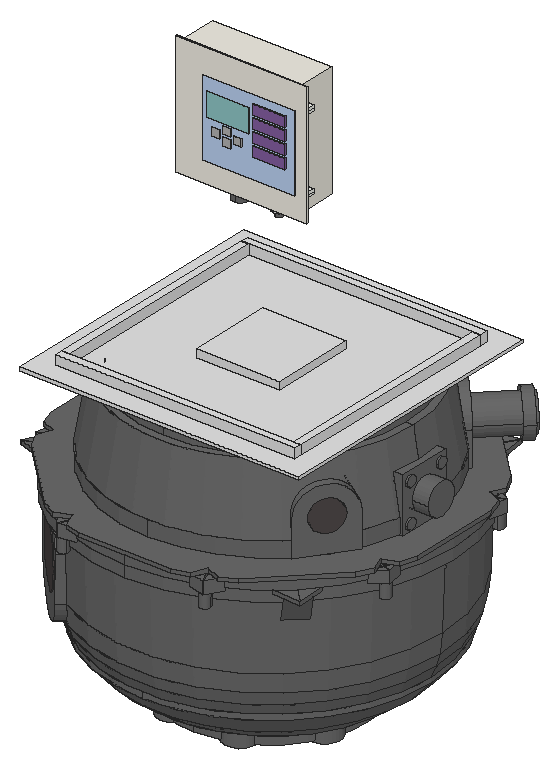
Revit family "280550xc (200)", category Generic Models, Revit 2021
Family settings
  Can host rebar = No
  Round Connector Dimension = Use Diameter
  Part Type = Normal
  Work Plane-Based = No
  Always vertical = Yes
  Cut with Voids When Loaded = No
  Shared = Yes
  Room Calculation Point = No
Parameters (values of type "280550XC")
  SUPPLIER = "KESSEL"
  SA700ID50 = "internal"
  SA700ID49 = "Protection Class I"
  SA700ID48 = "no"
  SA700ID47 = "no"
  SA700ID46 = "yes"
  SA700ID37 = 8000 mm
  SA700ID34 = 12
  SA700ID33 = 0.5 W
  SA700ID32 = 16.85 kg
  SA700ID31 = 1
  SA700ID30 = 1
  SA700ID29 = "RWDR"
  SA700ID21 = 800
  SA700ID10 = "No"
  SA700ID08 = 230 V
  PROCUREWEBLINK = "https://p.caden.as/kessel/280550XC"
  PROCURELINK = "p.caden.as/kessel/280550XC"
  PROCUREDATALASTUPDATE = "2024-05-22T12:17:24.487394111+01:00"
  PRC_SPECIFICATIONLINK = "https://ausschreiben.de/catalog/kessel/catalogItem/1a1bbdaa-ad67-42c6-9129-3eab4fa03737"
  NN = "Lifting station Aqualift S compact"
  NBSYN = "$SA810ID03. ($LODLEVEL.)"
  NB = "280550XC (200)"
  Model = "280550XC"
  Manufacturer = "KESSEL"
  MIdent = "{$CADENAS_DATA/23d-libs/kessel/kessel_vdi_import/4/entwaesserung/hebeanlage20aqualift20s20compact.prj},218 {STYP=ASS},{VTYP=3D},{NB=280550XC (200)},{LINA=280550XC},{NN=Lifting station Aqualift S compact},{DATE=21.11.2022 10:40:35},{GEOMDATE=21.11.2022 10:40:35},{VERSION=},{LINEID=130},{WBVAR=LODLEVEL},{WBNUMERIC=LODLEVEL}  {NB=280550XC (200)},{LINA=280550XC},{KT=DUMMY},{PREVIEW=../../bilder/ksb_w_280550xc.png},{SA700ID04=Hebeanlage Aqualift S Compact, Tronic, GTF500, resist., Bodenpl., befl.},{SA810ID06=04026092082652},{SA700ID34=12.00},{SA010ID03=201805},{SA810ID03=280550XC},{SA810ID10=Die steckerfertige Hebeanlage für fäkalienfreies Abwasser ist mit einer überflutbaren Pumpe sowie einem Rückflussverhinderer ausgestattet. Der Sammelbehälter aus dauerhaft beständigem Kunststoff (PE) besitzt einen offenen Pumpenraum. Einhandverschlüsse ermöglichen die einfache Entnahme der integrierten Komponenten. Die Anlage zum Einbau in die Bodenplatte ist vormontiert zur bauseitigen Endmontage.Die Steuerung erfolgt durch ein anwenderfreundliches Schaltgerät, das optional über einen potentialfreien Kontakt in die Gebäudeleittechnik eingebunden werden oder Alarm- und Sammelstörmeldungen über eine GSM-Schnittstelle ausgeben kann.- mit teleskopischem Aufsatzstück für stufenlosen Höhen- und Niveauausgleich und integriertem Bodenablauf- Sammelbehälter aus PE, beständig gegen aggressive Abwässer und 3 m Grundwasser- inklusive Rückflussverhinderer für die Druckleitung- inklusive Stutzen für Zulauf und Kabelleerrohr- Pumpe mit Freistromrad für höchste BetriebssicherheitAusführung:Anlagenart: EinzelanlagePumpensteuerung: SchaltgerätRückflussverhinderer: integriertResistant: beständig gegen salzhaltige Medien, Abwasser aus Enthärtungsanlagen sowie kondensathaltiges Abwasser aus HeizungsanlagenAuslieferungszustand: installationsfertig (Verbindungsteile sind bauseits anzuschließen)Einbausituation: Einbau in die BodenplatteAbwasserart: fäkalienfreiAllgemeine Merkmale:Farbe: schwarzNorm: EN 12050-2Abmessungen:Länge: 617 mmBreite: 585 mmBehälter/Grundkörper:Zulauf Nennweite (DN): 100 mmDruckabgang (DN): 32 mmDruckabgang (DA): 40 mmEinbautiefe: 490 - 620 mmNutzvolumen: 20 lArt der Höhenverstellbarkeit: teleskopisches AufsatzstückAbdeckungsmerkmale:Abdeckungsart: befliesbare AbdeckplatteAbdeckung Material: KunststoffAbdeckung Farbe: silbergrauAblauffunktion: jaBodenbelaghöhe max.: 16 mmBelastungsklasse: K 3 (EN 1253-1)Länge: 366 mmBreite: 366 mmVerriegelung: Lock & LiftFreier Kugeldurchgang: 10 mmFördereinrichtung:Pumpe: GTF 500Anzahl Pumpen: 1Förderleistung max.: 10 m3/hFörderhöhe max.: 8 mBetriebsspannung: 230 VNetzfrequenz: 50 HzBetriebsart: S1Leistung P1: 0,6 kWLeistung P2: 0,36 kWDrehzahl: 2.800 U/minErforderliche Absicherung (Leitungsschutz): C 16 AFörderguttemperatur (dauerhaft) max.: 40 °CAnschlusstyp: codierter SteckerLaufrad Typ: FreistromradLänge Netzanschlussleitung Pumpe: 5 mNennstrom: 2,7 ASchutzart Pumpe: IP 68 (3m)Typ Anschlussleitung Pumpe: H07RN-F 3G 1,0 mm2Temperaturüberwachung: integriertSteuerung:Schaltgerät: ComfortBetriebsspannung: 230 VSelbstdiagnosesystem (SDS): jaBatteriepufferung: jaMehrzeilige Displayanzeige: jaLogbuchfunktion: jaUSB-Schnittstelle: jaGSM-Schnittstelle: jaPotentialfreier Kontakt: optionalSchutzart Schaltgerät: IP 54Länge Netzanschlussleitung Schaltgerät: 1,4 mArt Niveauerfassung: pneumatischInstrument Niveauerfassung: TauchrohrAlarmgeber: optische Sonde},{SA700ID37=8.00},{SA700ID33=0.50},{SA700ID08=230},{SA700ID30=1},{SA700ID32=16.85},{SA700ID49=Schutzklasse I},{SA700ID50=intern},{SA200ID03=6},{SA250ID03=vertikal},{SA260ID03=Trockenläuferpumpe},{SA350ID03=normalansaugend},{SA400ID03=E-Motor für Wechselstrom},{SA460ID03=direkt},{SA500ID03=Kunststoff, Edelstahl},{SA700ID06=32},{SA700ID07=100},{SA700ID09=1/N/PE 230V },{SA700ID10=Nein},{SA700ID11=50},{SA700ID12=IP 68},{SA700ID13=F},{SA700ID15=35},{SA700ID21=800.00},{SA700ID22=0.36},{SA700ID23=2800},{SA700ID24=2800},{SA700ID26=2.50},{SA700ID27=6.90},{SA700ID28=durchgehend},{SA700ID29=RWDR},{SA700ID31=1},{SA700ID46=ja},{SA700ID47=nein},{SA700ID48=nein},{SA110ID04=Hebeanlage Aqualift S Compact},{SA300ID03=einstufig},{SA700ID44=10.00},{SA700ID45=10.00},{SA010ID04=KESSEL AG},{LODLEVEL=200},{LINK=https://www.kessel.de/info?han=280550XC},{SA970ID01=970},{SA970ID02=14064},{SA970ID03=280550XC},{SA970ID04=11002617},{SA970ID05=QUAD},{SA970ID06=-326},{SA970ID07=-291.04},{SA970ID08=0},{SA970ID09=1},{SA970ID10=0},{SA970ID11=0},{SA970ID12=0},{SA970ID13=1},{SA970ID14=0},{SA970ID15=617.04},{SA970ID16=582.09},{SA970ID17=488.5},{LODLEVEL_=200,'Low'},{LODLEVEL_DEU=200,'Low'},{LINK_=https://www.kessel.de/info?han=280550XC},{LINK_DEU=https://www.kessel.de/info?han=280550XC},{LODLEVEL_3DB=280550XC_200},{DNIN1=100},{DNIN2=125},{DNIN3=100},{DNIN4=100},{DNOUT1=70},{DNOUT2=32},{ISD1=60},{ISD2=10},{ISD3=10},{SA010ID01=010},{SA010ID02=4},{SA010ID06=www.kessel.de},{SA010ID07=www.kessel.de},{SA010ID12=20180713},{SA010ID13=DEU},{SA010ID14=DE},{SA100ID01=100},{SA100ID02=4},{SA100ID04=Entwässerung},{SA110ID01=110},{SA110ID02=30},{SA200ID01=200},{SA200ID02=6},{SA250ID01=250},{SA250ID02=2},{SA260ID01=260},{SA260ID02=2},{SA300ID01=300},{SA300ID02=1},{SA350ID01=350},{SA350ID02=1},{SA400ID01=400},{SA400ID02=1},{SA460ID01=460},{SA460ID02=1},{SA500ID01=500},{SA500ID02=1},{SA700ID01=700},{SA700ID02=197},{SA700ID10_=0},{SA700ID16=0},{SA700ID25=0},{SA700ID46_=1},{SA700ID47_=0},{SA700ID48_=0},{SA700ID49_=1},{SA700ID50_=2},{SA800ID01=800},{SA800ID02=12},{SA810ID01=810},{SA810ID02=197},{SA810ID04=280550XC},{SA810ID07=197},{SA810ID09=1},{SA810ID14=PCE},{SA810ID15=1},{SA810ID16=NMP},{SA960ID03=197},{SA960ID04=3L},{SA960ID08=https://www.kessel.de/info?han=280550XC},{SA010ID08=4026092000007},{SA100ID05=Hebeanlage},{SA110ID06=Hebeanlage}"
  LINK = "https://www.kessel.de/info?han=280550XC"
  LINA = "280550XC"
  Default Elevation = 0 mm
  CREATOR = "CADENAS GmbH"
  CATALOG = "KESSEL"
  BOMINFO = "LINA"
  ARTICLENO = "NB"
  4.810.00.9 Order quantity (multiplicator) = "1"
  4.810.00.7 Media- connection number = "197"
  4.810.00.6 GTIN number = "04026092082652"
  4.810.00.4 DATANORM number = "280550XC"
  4.810.00.3 Producer order number = "280550XC"
  4.710.03.7 Mass (net) = 16.85 kg
  4.710.03.6 Height = 490 mm
  4.710.03.5 Width = 580 mm
  4.710.03.4 Length = 620 mm
  4.710.03.3 Type of dimensions = "2"
  4.710.02.8 Area of application of wastewater pump = "2"
  4.710.02.6 Duty type = "S1"
  4.710.02.5 Cutting device = "0"
  4.710.02.4 Attached pump control = "1"
  4.710.02.3 Free passage = 10 mm
  4.710.01.6 Option to connect to building automation = "10"
  4.710.01.5 Load regulation = "0"
  4.710.01.4 Designation of closed-loop control = "20"
  4.700.00.9 Voltage = 0
  4.700.00.8 Nominal connection size on suction side = "100"
  4.700.00.7 Nominal connection size on pressure side = "100"
  4.700.00.6 Type of connection = "32"
  4.700.00.4 Product indentification = "Hebeanlage Aqualift S Compact, Tronic, GTF500, resist., Bodenpl., befl."
  4.700.00.28 Motor pump shaft = "durchgehend"
  4.700.00.27 Starting current = 6.9
  4.700.00.26 Maximum power consumption per pump / drive = 2.5
  4.700.00.25 Minimum speed at internal speed adjustment = 0
  4.700.00.24 Nominal speed / maximum speed n = 46.6667
  4.700.00.23 Nominal speed of motor = 46.6667
  4.700.00.22 Maximum shaft output (P2) per pump/drive = 0.36 W
  4.700.00.16 Maximum temperature of pumped medium = 0 °C
  4.700.00.15 Increased safety class = "35 °C"
  4.700.00.13 Type of protection = "F"
  4.700.00.12 Frequency = 0
  4.700.00.11 Stern-/Dreieck-Anlaufschaltung bei Dreiphasenanschluss oder Drehstrom = "50 Hz"
  4.700.00.10 Phase = "0"
  4.500.00.3 Variant / Variant type / Accessories-name = "Kunststoff, Edelstahl"
  4.460.00.3 Variant / Variant type / Accessories-name = "direkt"
  4.400.00.3 Variant / Variant type / Accessories-name = "E-Motor für Wechselstrom"
  4.350.00.3 Variant / Variant type / Accessories-name = "normalansaugend"
  4.300.00.3 Variant / Variant type / Accessories-name = "einstufig"
  4.260.00.3 Variant / Variant type / Accessories-name = "Trockenläuferpumpe"
  4.250.00.3 Variant / Variant type / Accessories-name = "vertikal"
  4.200.00.3 Variant / Variant type / Accessories-name = "6"
  4.110.00.6 Product classification = "Hebeanlage"
  4.110.00.4 Product indentification = "Hebeanlage Aqualift S Compact"
  4.100.00.5 Main groups of wares = "Hebeanlage"
  4.100.00.4 Product indentification = "Entwässerung"
  4.010.00.8 Producer ID number = "4026092000007"
  4.010.00.7 Comment = "www.kessel.de"
  4.010.00.6 Web address of the manufacturer = "www.kessel.de"
  4.010.00.4 Manufacturer name = "KESSEL AG"
  4.010.00.3 Date of issuance (month) of guideline = "201805"
  4.010.00.2 Sheet number of the guideline = "4"
  4.010.00.14 Kennungen der Projektländer, für die die Datei gültig ist = "DE"
  4.010.00.13 Sprache der Datei = "DEU"
  4.010.00.12 Stand des Herstellerkatalogs = "20180713"
Reference planes
  plane 1 "Center (Front/Back)": y = 0
  plane 2: z = 0
  plane 3 "Center (Left/Right)": x = 0
Forms (mm)
  Extrusion 1, void
    sketch origin (-161, 217, 518.2) x (0, 1, 0) y (-1, 0, 0)
      loop
        line (-0.5, -0.5) -> (0.5, -0.5) -> (0.5, 0.5) -> (-0.5, 0.5) -> (-0.5, -0.5)
    from 0 to 1
  Extrusion 2, void
    sketch origin (-197.283, 197.283, 209) x (-0.707107, -0.707107, 0) y (0, 0, -1)
      loop
        line (-0.5, -0.5) -> (0.5, -0.5) -> (0.5, 0.5) -> (-0.5, 0.5) -> (-0.5, -0.5)
    from 0 to 1
  Extrusion 3, void
    sketch origin (-247, 0, 370) x (0, -1, 0) y (0, 0, -1)
      loop
        line (-0.5, -0.5) -> (0.5, -0.5) -> (0.5, 0.5) -> (-0.5, 0.5) -> (-0.5, -0.5)
    from 0 to 1
  Extrusion 4, void
    sketch origin (242.226, 228.084, 376) x (-0.707107, 0.707107, 0) y (0, 0, -1)
      loop
        line (-0.5, -0.5) -> (0.5, -0.5) -> (0.5, 0.5) -> (-0.5, 0.5) -> (-0.5, -0.5)
    from 0 to 1
  Extrusion 5, void
    sketch origin (242.226, 228.084, 364) x (-0.707107, 0.707107, 0) y (0, 0, -1)
      loop
        line (-0.5, -0.5) -> (0.5, -0.5) -> (0.5, 0.5) -> (-0.5, 0.5) -> (-0.5, -0.5)
    from 0 to 1
  Extrusion 6, void
    sketch origin (228.084, 242.226, 376) x (-0.707107, 0.707107, 0) y (0, 0, -1)
      loop
        line (-0.5, -0.5) -> (0.5, -0.5) -> (0.5, 0.5) -> (-0.5, 0.5) -> (-0.5, -0.5)
    from 0 to 1
  Extrusion 7, void
    sketch origin (228.084, 242.226, 364) x (-0.707107, 0.707107, 0) y (0, 0, -1)
      loop
        line (-0.5, -0.5) -> (0.5, -0.5) -> (0.5, 0.5) -> (-0.5, 0.5) -> (-0.5, -0.5)
    from 0 to 1
Dimensions and locks
  locked: plane 2 to Extrusion 1 at 519.2
  locked: plane 2 to Extrusion 1 at 518.2
  locked: plane 2 to Extrusion 2 at 208.5
  locked: plane 2 to Extrusion 2 at 209.5
  locked: plane 2 to Extrusion 3 at 369.5
  locked: plane 2 to Extrusion 3 at 370.5
  locked: plane 2 to Extrusion 4 at 375.5
  locked: plane 2 to Extrusion 4 at 376.5
  locked: plane 2 to Extrusion 5 at 363.5
  locked: plane 2 to Extrusion 5 at 364.5
  locked: plane 2 to Extrusion 6 at 375.5
  locked: plane 2 to Extrusion 6 at 376.5
  locked: plane 2 to Extrusion 7 at 363.5
  locked: plane 2 to Extrusion 7 at 364.5
  aligned and locked: level to plane 2
Nested families
  nested 1: "280550xc (200)_content" at (0, 0, 0), type "280550XC (200)_Content"
  nested 2: "280550xc (200)_part1_X0Y0" at (-194, 244.5, 558), type "280550XC_PART1_X0Y0"
  nested 3: "280550xc (200)_part2_X0Y0" at (0, 0, 0), type "280550XC_PART2_X0Y0"
Connectors
  electrical at (-257.5, 217, 524.5)
    settings: on nested 2, index 1, voltage 0 V, apparent load 0 VA, apparent load phase1 0 VA, apparent load phase2 0 VA, apparent load phase3 0 VA, power factor 1, load classification "Other", number of poles 1, system type 31, power factor state 1, is connector primary yes, connector utility no, sub classification motor no, connector description ""
  electrical at (-223, 217, 521)
    settings: on nested 2, index 2, voltage 0 V, apparent load 0 VA, apparent load phase1 0 VA, apparent load phase2 0 VA, apparent load phase3 0 VA, power factor 1, load classification "Other", number of poles 1, system type 31, power factor state 1, is connector primary no, connector utility no, sub classification motor no, connector description ""
  electrical at (-189, 217, 530.9)
    settings: on nested 2, index 3, voltage 0 V, apparent load 0 VA, apparent load phase1 0 VA, apparent load phase2 0 VA, apparent load phase3 0 VA, power factor 1, load classification "Other", number of poles 1, system type 31, power factor state 1, is connector primary no, connector utility no, sub classification motor no, connector description ""
  electrical at (-161, 217, 518.2)
    settings: on Extrusion 1, index 4, voltage 0 V, apparent load 0 VA, apparent load phase1 0 VA, apparent load phase2 0 VA, apparent load phase3 0 VA, power factor 1, load classification "Other", number of poles 1, system type 31, power factor state 1, is connector primary no, connector utility no, sub classification motor no, connector description ""
  electrical at (-136.5, 217, 557.2)
    settings: on nested 2, index 5, voltage 0 V, apparent load 0 VA, apparent load phase1 0 VA, apparent load phase2 0 VA, apparent load phase3 0 VA, power factor 1, load classification "Other", number of poles 1, system type 31, power factor state 1, is connector primary no, connector utility no, sub classification motor no, connector description ""
  electrical at (-114.5, 217, 557.2)
    settings: on nested 2, index 6, voltage 0 V, apparent load 0 VA, apparent load phase1 0 VA, apparent load phase2 0 VA, apparent load phase3 0 VA, power factor 1, load classification "Other", number of poles 1, system type 31, power factor state 1, is connector primary no, connector utility no, sub classification motor no, connector description ""
  piping at (-326, 0, 209), diameter 125
    settings: on nested 3, index 7, connector inside diameter 609.6 mm, connector length 0 mm, flow factor 0, pipe flow 0.0 L/s, pressure drop 0.0 Pa, fitting loss kfactor 0, connector angle 0.00°, fixture units 0, engagement length 0 mm, angle of deflection 0.00°, flow configuration 0, flow direction 1, fitting loss method 2, system type 29, joint type 0, gender type 0, connector reference index -1, connector utility 0, adjustable connector no, is connector primary yes, connector description ""
  piping at (-197.283, 197.283, 209), diameter 100
    settings: on Extrusion 2, index 8, connector inside diameter 609.6 mm, connector length 0 mm, flow factor 0, pipe flow 0.0 L/s, pressure drop 0.0 Pa, fitting loss kfactor 0, connector angle 0.00°, fixture units 0, engagement length 0 mm, angle of deflection 0.00°, flow configuration 0, flow direction 0, fitting loss method 2, system type 29, joint type 0, gender type 0, connector reference index -1, connector utility 0, adjustable connector no, is connector primary no, connector description ""
  piping at (-247, 0, 370), diameter 70
    settings: on Extrusion 3, index 9, connector inside diameter 609.6 mm, connector length 0 mm, flow factor 0, pipe flow 0.0 L/s, pressure drop 0.0 Pa, fitting loss kfactor 0, connector angle 0.00°, fixture units 0, engagement length 0 mm, angle of deflection 0.00°, flow configuration 0, flow direction 0, fitting loss method 2, system type 29, joint type 0, gender type 0, connector reference index -1, connector utility 0, adjustable connector no, is connector primary no, connector description ""
  piping at (272.5, -3, 363.25), diameter 32
    settings: on nested 3, index 10, connector inside diameter 609.6 mm, connector length 0 mm, flow factor 0, pipe flow 0.0 L/s, pressure drop 0.0 Pa, fitting loss kfactor 0, connector angle 0.00°, fixture units 0, engagement length 0 mm, angle of deflection 0.00°, flow configuration 0, flow direction 2, fitting loss method 2, system type 29, joint type 0, gender type 0, connector reference index -1, connector utility 0, adjustable connector no, is connector primary no, connector description ""
  electrical at (242.226, 228.084, 376)
    settings: on Extrusion 4, index 11, voltage 0 V, apparent load 0 VA, apparent load phase1 0 VA, apparent load phase2 0 VA, apparent load phase3 0 VA, power factor 1, load classification "Other", number of poles 1, system type 31, power factor state 1, is connector primary no, connector utility no, sub classification motor no, connector description ""
  electrical at (242.226, 228.084, 364)
    settings: on Extrusion 5, index 12, voltage 0 V, apparent load 0 VA, apparent load phase1 0 VA, apparent load phase2 0 VA, apparent load phase3 0 VA, power factor 1, load classification "Other", number of poles 1, system type 31, power factor state 1, is connector primary no, connector utility no, sub classification motor no, connector description ""
  electrical at (228.084, 242.226, 376)
    settings: on Extrusion 6, index 13, voltage 0 V, apparent load 0 VA, apparent load phase1 0 VA, apparent load phase2 0 VA, apparent load phase3 0 VA, power factor 1, load classification "Other", number of poles 1, system type 31, power factor state 1, is connector primary no, connector utility no, sub classification motor no, connector description ""
  electrical at (228.084, 242.226, 364)
    settings: on Extrusion 7, index 14, voltage 0 V, apparent load 0 VA, apparent load phase1 0 VA, apparent load phase2 0 VA, apparent load phase3 0 VA, power factor 1, load classification "Other", number of poles 1, system type 31, power factor state 1, is connector primary no, connector utility no, sub classification motor no, connector description ""
Definition of nested family "280550xc (200)_part1_X0Y0"
  Parameters (values of type "280550XC_PART1_X0Y0")
    SUPPLIER = "KESSEL"
    SA700ID50 = "internal"
    SA700ID49 = "Protection Class I"
    SA700ID48 = "no"
    SA700ID47 = "no"
    SA700ID46 = "yes"
    SA700ID37 = 8000 mm
    SA700ID34 = 12
    SA700ID33 = 0.5 W
    SA700ID32 = 16.85 kg
    SA700ID31 = 1
    SA700ID30 = 1
    SA700ID29 = "RWDR"
    SA700ID21 = 800
    SA700ID10 = "No"
    SA700ID08 = 230 V
    NBSYN = "$SA810ID03. ($LODLEVEL.)_PART1"
    NB = "280550XC (200)_PART1"
    Model = "280550XC_PART1"
    Manufacturer = "KESSEL"
    MIdent = "{$CADENAS_DATA/23d-libs/kessel/kessel_vdi_import/4/entwaesserung/hebeanlage20aqualift20s20compact.prj},238 {VTYP=3D},{NB=280550XC (200)_PART1},{LINA=280550XC_PART1},{NN=Lifting station Aqualift S compact_PART1},{NOPRJ=TRUE},{DATE=21.11.2022 10:40:35},{GEOMDATE=21.11.2022 10:40:35},{VERSION=},{LINEID=130},{WBVAR=LODLEVEL},{WBNUMERIC=LODLEVEL}  {NB=280550XC (200)_PART1},{LINA=280550XC_PART1},{KT=DUMMY},{PREVIEW=../../bilder/ksb_w_280550xc.png},{SA700ID04=Hebeanlage Aqualift S Compact, Tronic, GTF500, resist., Bodenpl., befl.},{SA810ID06=04026092082652},{SA700ID34=12.00},{SA010ID03=201805},{SA810ID03=280550XC},{SA810ID10=Die steckerfertige Hebeanlage für fäkalienfreies Abwasser ist mit einer überflutbaren Pumpe sowie einem Rückflussverhinderer ausgestattet. Der Sammelbehälter aus dauerhaft beständigem Kunststoff (PE) besitzt einen offenen Pumpenraum. Einhandverschlüsse ermöglichen die einfache Entnahme der integrierten Komponenten. Die Anlage zum Einbau in die Bodenplatte ist vormontiert zur bauseitigen Endmontage.Die Steuerung erfolgt durch ein anwenderfreundliches Schaltgerät, das optional über einen potentialfreien Kontakt in die Gebäudeleittechnik eingebunden werden oder Alarm- und Sammelstörmeldungen über eine GSM-Schnittstelle ausgeben kann.- mit teleskopischem Aufsatzstück für stufenlosen Höhen- und Niveauausgleich und integriertem Bodenablauf- Sammelbehälter aus PE, beständig gegen aggressive Abwässer und 3 m Grundwasser- inklusive Rückflussverhinderer für die Druckleitung- inklusive Stutzen für Zulauf und Kabelleerrohr- Pumpe mit Freistromrad für höchste BetriebssicherheitAusführung:Anlagenart: EinzelanlagePumpensteuerung: SchaltgerätRückflussverhinderer: integriertResistant: beständig gegen salzhaltige Medien, Abwasser aus Enthärtungsanlagen sowie kondensathaltiges Abwasser aus HeizungsanlagenAuslieferungszustand: installationsfertig (Verbindungsteile sind bauseits anzuschließen)Einbausituation: Einbau in die BodenplatteAbwasserart: fäkalienfreiAllgemeine Merkmale:Farbe: schwarzNorm: EN 12050-2Abmessungen:Länge: 617 mmBreite: 585 mmBehälter/Grundkörper:Zulauf Nennweite (DN): 100 mmDruckabgang (DN): 32 mmDruckabgang (DA): 40 mmEinbautiefe: 490 - 620 mmNutzvolumen: 20 lArt der Höhenverstellbarkeit: teleskopisches AufsatzstückAbdeckungsmerkmale:Abdeckungsart: befliesbare AbdeckplatteAbdeckung Material: KunststoffAbdeckung Farbe: silbergrauAblauffunktion: jaBodenbelaghöhe max.: 16 mmBelastungsklasse: K 3 (EN 1253-1)Länge: 366 mmBreite: 366 mmVerriegelung: Lock & LiftFreier Kugeldurchgang: 10 mmFördereinrichtung:Pumpe: GTF 500Anzahl Pumpen: 1Förderleistung max.: 10 m3/hFörderhöhe max.: 8 mBetriebsspannung: 230 VNetzfrequenz: 50 HzBetriebsart: S1Leistung P1: 0,6 kWLeistung P2: 0,36 kWDrehzahl: 2.800 U/minErforderliche Absicherung (Leitungsschutz): C 16 AFörderguttemperatur (dauerhaft) max.: 40 °CAnschlusstyp: codierter SteckerLaufrad Typ: FreistromradLänge Netzanschlussleitung Pumpe: 5 mNennstrom: 2,7 ASchutzart Pumpe: IP 68 (3m)Typ Anschlussleitung Pumpe: H07RN-F 3G 1,0 mm2Temperaturüberwachung: integriertSteuerung:Schaltgerät: ComfortBetriebsspannung: 230 VSelbstdiagnosesystem (SDS): jaBatteriepufferung: jaMehrzeilige Displayanzeige: jaLogbuchfunktion: jaUSB-Schnittstelle: jaGSM-Schnittstelle: jaPotentialfreier Kontakt: optionalSchutzart Schaltgerät: IP 54Länge Netzanschlussleitung Schaltgerät: 1,4 mArt Niveauerfassung: pneumatischInstrument Niveauerfassung: TauchrohrAlarmgeber: optische Sonde},{SA700ID37=8.00},{SA700ID33=0.50},{SA700ID08=230},{SA700ID30=1},{SA700ID32=16.85},{SA700ID49=Schutzklasse I},{SA700ID50=intern},{SA200ID03=6},{SA250ID03=vertikal},{SA260ID03=Trockenläuferpumpe},{SA350ID03=normalansaugend},{SA400ID03=E-Motor für Wechselstrom},{SA460ID03=direkt},{SA500ID03=Kunststoff, Edelstahl},{SA700ID06=32},{SA700ID07=100},{SA700ID09=1/N/PE 230V },{SA700ID10=Nein},{SA700ID11=50},{SA700ID12=IP 68},{SA700ID13=F},{SA700ID15=35},{SA700ID21=800.00},{SA700ID22=0.36},{SA700ID23=2800},{SA700ID24=2800},{SA700ID26=2.50},{SA700ID27=6.90},{SA700ID28=durchgehend},{SA700ID29=RWDR},{SA700ID31=1},{SA700ID46=ja},{SA700ID47=nein},{SA700ID48=nein},{SA110ID04=Hebeanlage Aqualift S Compact},{SA300ID03=einstufig},{SA700ID44=10.00},{SA700ID45=10.00},{SA010ID04=KESSEL AG},{LODLEVEL=200},{LINK=https://www.kessel.de/info?han=280550XC},{SA970ID01=970},{SA970ID02=14064},{SA970ID03=280550XC},{SA970ID04=11002617},{SA970ID05=QUAD},{SA970ID06=-326},{SA970ID07=-291.04},{SA970ID08=0},{SA970ID09=1},{SA970ID10=0},{SA970ID11=0},{SA970ID12=0},{SA970ID13=1},{SA970ID14=0},{SA970ID15=617.04},{SA970ID16=582.09},{SA970ID17=488.5},{LODLEVEL_=200,'Low'},{LODLEVEL_DEU=200,'Low'},{LINK_=https://www.kessel.de/info?han=280550XC},{LINK_DEU=https://www.kessel.de/info?han=280550XC},{LODLEVEL_3DB=280550XC_200},{DNIN1=100},{DNIN2=125},{DNIN3=100},{DNIN4=100},{DNOUT1=70},{DNOUT2=32},{ISD1=60},{ISD2=10},{ISD3=10},{SA010ID01=010},{SA010ID02=4},{SA010ID06=www.kessel.de},{SA010ID07=www.kessel.de},{SA010ID12=20180713},{SA010ID13=DEU},{SA010ID14=DE},{SA100ID01=100},{SA100ID02=4},{SA100ID04=Entwässerung},{SA110ID01=110},{SA110ID02=30},{SA200ID01=200},{SA200ID02=6},{SA250ID01=250},{SA250ID02=2},{SA260ID01=260},{SA260ID02=2},{SA300ID01=300},{SA300ID02=1},{SA350ID01=350},{SA350ID02=1},{SA400ID01=400},{SA400ID02=1},{SA460ID01=460},{SA460ID02=1},{SA500ID01=500},{SA500ID02=1},{SA700ID01=700},{SA700ID02=197},{SA700ID10_=0},{SA700ID16=0},{SA700ID25=0},{SA700ID46_=1},{SA700ID47_=0},{SA700ID48_=0},{SA700ID49_=1},{SA700ID50_=2},{SA800ID01=800},{SA800ID02=12},{SA810ID01=810},{SA810ID02=197},{SA810ID04=280550XC},{SA810ID07=197},{SA810ID09=1},{SA810ID14=PCE},{SA810ID15=1},{SA810ID16=NMP},{SA960ID03=197},{SA960ID04=3L},{SA960ID08=https://www.kessel.de/info?han=280550XC},{SA010ID08=4026092000007},{SA100ID05=Hebeanlage},{SA110ID06=Hebeanlage}"
    LINK = "https://www.kessel.de/info?han=280550XC"
    LINA = "280550XC_PART1"
    Default Elevation = 1219.2 mm
    CREATOR = "CADENAS GmbH"
    CATALOG = "KESSEL"
    BOMINFO = "LINA"
    ARTICLENO = "NB"
    4.810.00.9 Order quantity (multiplicator) = "1"
    4.810.00.7 Media- connection number = "197"
    4.810.00.6 GTIN number = "04026092082652"
    4.810.00.4 DATANORM number = "280550XC"
    4.810.00.3 Producer order number = "280550XC"
    4.710.03.7 Mass (net) = 16.85 kg
    4.710.03.6 Height = 490 mm
    4.710.03.5 Width = 580 mm
    4.710.03.4 Length = 620 mm
    4.710.03.3 Type of dimensions = "2"
    4.710.02.8 Area of application of wastewater pump = "2"
    4.710.02.6 Duty type = "S1"
    4.710.02.5 Cutting device = "0"
    4.710.02.4 Attached pump control = "1"
    4.710.02.3 Free passage = 10 mm
    4.710.01.6 Option to connect to building automation = "10"
    4.710.01.5 Load regulation = "0"
    4.710.01.4 Designation of closed-loop control = "20"
    4.700.00.9 Voltage = 0
    4.700.00.8 Nominal connection size on suction side = "100"
    4.700.00.7 Nominal connection size on pressure side = "100"
    4.700.00.6 Type of connection = "32"
    4.700.00.4 Product indentification = "Hebeanlage Aqualift S Compact, Tronic, GTF500, resist., Bodenpl., befl."
    4.700.00.28 Motor pump shaft = "durchgehend"
    4.700.00.27 Starting current = 6.9
    4.700.00.26 Maximum power consumption per pump / drive = 2.5
    4.700.00.25 Minimum speed at internal speed adjustment = 0
    4.700.00.24 Nominal speed / maximum speed n = 46.6667
    4.700.00.23 Nominal speed of motor = 46.6667
    4.700.00.22 Maximum shaft output (P2) per pump/drive = 0.36 W
    4.700.00.16 Maximum temperature of pumped medium = 0 °C
    4.700.00.15 Increased safety class = "35 °C"
    4.700.00.13 Type of protection = "F"
    4.700.00.12 Frequency = 0
    4.700.00.11 Stern-/Dreieck-Anlaufschaltung bei Dreiphasenanschluss oder Drehstrom = "50 Hz"
    4.700.00.10 Phase = "0"
    4.500.00.3 Variant / Variant type / Accessories-name = "Kunststoff, Edelstahl"
    4.460.00.3 Variant / Variant type / Accessories-name = "direkt"
    4.400.00.3 Variant / Variant type / Accessories-name = "E-Motor für Wechselstrom"
    4.350.00.3 Variant / Variant type / Accessories-name = "normalansaugend"
    4.300.00.3 Variant / Variant type / Accessories-name = "einstufig"
    4.260.00.3 Variant / Variant type / Accessories-name = "Trockenläuferpumpe"
    4.250.00.3 Variant / Variant type / Accessories-name = "vertikal"
    4.200.00.3 Variant / Variant type / Accessories-name = "6"
    4.110.00.6 Product classification = "Hebeanlage"
    4.110.00.4 Product indentification = "Hebeanlage Aqualift S Compact"
    4.100.00.5 Main groups of wares = "Hebeanlage"
    4.100.00.4 Product indentification = "Entwässerung"
    4.010.00.8 Producer ID number = "4026092000007"
    4.010.00.7 Comment = "www.kessel.de"
    4.010.00.6 Web address of the manufacturer = "www.kessel.de"
    4.010.00.4 Manufacturer name = "KESSEL AG"
    4.010.00.3 Date of issuance (month) of guideline = "201805"
    4.010.00.2 Sheet number of the guideline = "4"
    4.010.00.14 Kennungen der Projektländer, für die die Datei gültig ist = "DE"
    4.010.00.13 Sprache der Datei = "DEU"
    4.010.00.12 Stand des Herstellerkatalogs = "20180713"
  Reference planes
    plane 1 "Center (Front/Back)": y = 0
    plane 2: z = 0
    plane 3 "Center (Left/Right)": x = 0
  Dimensions and locks
    aligned and locked: level to plane 2
  Nested families
    nested 1: "280550xc (200)_part1_content" at (0, 0, 0), type "280550XC (200)_PART1_Content"
  Definition of nested family "280550xc (200)_part1_content"
    Parameters (values of type "280550XC (200)_PART1_Content")
      SUPPLIER = "KESSEL"
      SA700ID50 = "internal"
      SA700ID49 = "Protection Class I"
      SA700ID48 = "no"
      SA700ID47 = "no"
      SA700ID46 = "yes"
      SA700ID37 = 8000 mm
      SA700ID34 = 12
      SA700ID33 = 0.5 W
      SA700ID32 = 16.85 kg
      SA700ID31 = 1
      SA700ID30 = 1
      SA700ID29 = "RWDR"
      SA700ID21 = 800
      SA700ID10 = "No"
      SA700ID08 = 230 V
      NBSYN = "$SA810ID03. ($LODLEVEL.)_PART1"
      NB = "280550XC (200)_PART1"
      Model = "280550XC_PART1"
      Manufacturer = "KESSEL"
      LINK = "https://www.kessel.de/info?han=280550XC"
      LINA = "280550XC_PART1"
      Default Elevation = 1219.2 mm
      CREATOR = "CADENAS GmbH"
      CATALOG = "KESSEL"
      BOMINFO = "LINA"
      ARTICLENO = "NB"
      4.810.00.9 Order quantity (multiplicator) = "1"
      4.810.00.7 Media- connection number = "197"
      4.810.00.6 GTIN number = "04026092082652"
      4.810.00.4 DATANORM number = "280550XC"
      4.810.00.3 Producer order number = "280550XC"
      4.710.03.7 Mass (net) = 16.85 kg
      4.710.03.6 Height = 490 mm
      4.710.03.5 Width = 580 mm
      4.710.03.4 Length = 620 mm
      4.710.03.3 Type of dimensions = "2"
      4.710.02.8 Area of application of wastewater pump = "2"
      4.710.02.6 Duty type = "S1"
      4.710.02.5 Cutting device = "0"
      4.710.02.4 Attached pump control = "1"
      4.710.02.3 Free passage = 10 mm
      4.710.01.6 Option to connect to building automation = "10"
      4.710.01.5 Load regulation = "0"
      4.710.01.4 Designation of closed-loop control = "20"
      4.700.00.9 Voltage = 0
      4.700.00.8 Nominal connection size on suction side = "100"
      4.700.00.7 Nominal connection size on pressure side = "100"
      4.700.00.6 Type of connection = "32"
      4.700.00.4 Product indentification = "Hebeanlage Aqualift S Compact, Tronic, GTF500, resist., Bodenpl., befl."
      4.700.00.28 Motor pump shaft = "durchgehend"
      4.700.00.27 Starting current = 6.9
      4.700.00.26 Maximum power consumption per pump / drive = 2.5
      4.700.00.25 Minimum speed at internal speed adjustment = 0
      4.700.00.24 Nominal speed / maximum speed n = 46.6667
      4.700.00.23 Nominal speed of motor = 46.6667
      4.700.00.22 Maximum shaft output (P2) per pump/drive = 0.36 W
      4.700.00.16 Maximum temperature of pumped medium = 0 °C
      4.700.00.15 Increased safety class = "35 °C"
      4.700.00.13 Type of protection = "F"
      4.700.00.12 Frequency = 0
      4.700.00.11 Stern-/Dreieck-Anlaufschaltung bei Dreiphasenanschluss oder Drehstrom = "50 Hz"
      4.700.00.10 Phase = "0"
      4.500.00.3 Variant / Variant type / Accessories-name = "Kunststoff, Edelstahl"
      4.460.00.3 Variant / Variant type / Accessories-name = "direkt"
      4.400.00.3 Variant / Variant type / Accessories-name = "E-Motor für Wechselstrom"
      4.350.00.3 Variant / Variant type / Accessories-name = "normalansaugend"
      4.300.00.3 Variant / Variant type / Accessories-name = "einstufig"
      4.260.00.3 Variant / Variant type / Accessories-name = "Trockenläuferpumpe"
      4.250.00.3 Variant / Variant type / Accessories-name = "vertikal"
      4.200.00.3 Variant / Variant type / Accessories-name = "6"
      4.110.00.6 Product classification = "Hebeanlage"
      4.110.00.4 Product indentification = "Hebeanlage Aqualift S Compact"
      4.100.00.5 Main groups of wares = "Hebeanlage"
      4.100.00.4 Product indentification = "Entwässerung"
      4.010.00.8 Producer ID number = "4026092000007"
      4.010.00.7 Comment = "www.kessel.de"
      4.010.00.6 Web address of the manufacturer = "www.kessel.de"
      4.010.00.4 Manufacturer name = "KESSEL AG"
      4.010.00.3 Date of issuance (month) of guideline = "201805"
      4.010.00.2 Sheet number of the guideline = "4"
      4.010.00.14 Kennungen der Projektländer, für die die Datei gültig ist = "DE"
      4.010.00.13 Sprache der Datei = "DEU"
      4.010.00.12 Stand des Herstellerkatalogs = "20180713"
    Reference planes
      plane 1 "Center (Front/Back)": y = 0
      plane 2: z = 0
      plane 3 "Center (Left/Right)": x = 0
    Forms (mm)
      Extrusion 1, solid, detail levels medium+fine
        sketch origin (94.5, 0, 0) x (0, -1, 0) y (0, 0, 1)
          loop
            line (0, 181) -> (0, 0) -> (66, 0) -> (66, 181) -> (0, 181)
        from 0 to 189
      Extrusion 2, solid, detail levels medium+fine
        sketch origin (108.5, -66, -7) x (0, -1, 0) y (0, 0, 1)
          loop
            line (0, 194) -> (0, 0) -> (2, 0) -> (2, 194) -> (0, 194)
        from 0 to 208
      Extrusion 3, solid, detail levels medium+fine
        sketch origin (90, -68, 26.5) x (0, -1, 0) y (0, 0, 1)
          loop
            line (-1.25, 120) -> (-1.25, 0) -> (0.25, 0) -> (0.25, 120) -> (-1.25, 120)
        from 0 to 146
      Extrusion 4, solid, detail levels medium+fine
        sketch origin (5.5, -68.25, 66) x (0, -1, 0) y (0, 0, 1)
          loop
            line (-1, 12) -> (-1, 0) -> (0.5, 0) -> (0.5, 12) -> (-1, 12)
        from 0 to 12
      Extrusion 5, solid, detail levels medium+fine
        sketch origin (76.25, -68.25, 79) x (0, -1, 0) y (0, 0, 1)
          loop
            line (0, 16) -> (0, 0) -> (1.75, 0) -> (1.75, 16) -> (0, 16)
        from 0 to 51
      Extrusion 6, solid, detail levels medium+fine
        sketch origin (-11.75, -68.25, 74) x (0, -1, 0) y (0, 0, 1)
          loop
            line (-1, 12) -> (-1, 0) -> (0.5, 0) -> (0.5, 12) -> (-1, 12)
        from 0 to 12
      Extrusion 7, solid, detail levels medium+fine
        sketch origin (76.25, -68.25, 59) x (0, -1, 0) y (0, 0, 1)
          loop
            line (0, 16) -> (0, 0) -> (1.75, 0) -> (1.75, 16) -> (0, 16)
        from 0 to 51
      Extrusion 8, solid, detail levels medium+fine
        sketch origin (17.4, -68.25, 89.5) x (0, -1, 0) y (0, 0, 1)
          loop
            line (-1, 37) -> (-1, 0) -> (0.5, 0) -> (0.5, 37) -> (-1, 37)
        from 0 to 66
      Extrusion 9, solid, detail levels medium+fine
        sketch origin (76.25, -68.25, 99) x (0, -1, 0) y (0, 0, 1)
          loop
            line (0, 16) -> (0, 0) -> (1.75, 0) -> (1.75, 16) -> (0, 16)
        from 0 to 51
      Extrusion 10, solid, detail levels medium+fine
        sketch origin (-11.75, -68.25, 57.5) x (0, -1, 0) y (0, 0, 1)
          loop
            line (-1, 12) -> (-1, 0) -> (0.5, 0) -> (0.5, 12) -> (-1, 12)
        from 0 to 12
      Extrusion 11, solid, detail levels medium+fine
        sketch origin (76.25, -68.25, 119) x (0, -1, 0) y (0, 0, 1)
          loop
            line (0, 16) -> (0, 0) -> (1.75, 0) -> (1.75, 16) -> (0, 16)
        from 0 to 51
      Extrusion 12, solid, detail levels medium+fine
        sketch origin (-29, -68.25, 66) x (0, -1, 0) y (0, 0, 1)
          loop
            line (-1, 12) -> (-1, 0) -> (0.5, 0) -> (0.5, 12) -> (-1, 12)
        from 0 to 12
      Extrusion 13, solid, detail levels medium+fine
        sketch origin (5, -27.5, 0) x (1, 0, 0) y (0, -1, 0)
          loop
            circle (0, 0) r 11
        from 0 to 17.3
      Extrusion 14, solid, detail levels medium+fine
        sketch origin (5, -27.5, -16.3) x (1, 0, 0) y (0, -1, 0)
          loop
            circle (0, 0) r 8.65
        from 0 to 10.8
      Extrusion 15, solid, detail levels medium+fine
        sketch origin (-29, -27.5, 0) x (1, 0, 0) y (0, -1, 0)
          loop
            circle (0, 0) r 11.4
        from 0 to 9
      Extrusion 16, solid, detail levels medium+fine
        sketch origin (-29, -27.5, -9) x (1, 0, 0) y (0, -1, 0)
          loop
            circle (0, 0) r 11.75
        from 0 to 28
      Extrusion 17, solid, detail levels medium+fine
        sketch origin (33, -27.5, 0) x (1, 0, 0) y (0, -1, 0)
          loop
            circle (0, 0) r 11
        from 0 to 11
      Extrusion 18, solid, detail levels medium+fine
        sketch origin (33, -27.5, -11) x (1, 0, 0) y (0, -1, 0)
          loop
            circle (0, 0) r 11
        from 0 to 19.8
      Extrusion 19, solid, detail levels medium+fine
        sketch origin (33, -27.5, -29.8) x (1, 0, 0) y (0, -1, 0)
          loop
            circle (0, 0) r 6
        from 0 to 9
      Extrusion 20, solid, detail levels medium+fine
        sketch origin (57.5, -27.5, 2) x (1, 0, 0) y (0, -1, 0)
          loop
            circle (0, 0) r 10
        from 0 to 2.8
      Extrusion 21, solid, detail levels medium+fine
        sketch origin (106.5, -50, 145) x (0, -1, 0) y (0, 0, 1)
          loop
            line (0, 4) -> (0, 0) -> (16, 0) -> (16, 4) -> (0, 4)
        from 0 to 12
      Extrusion 22, solid, detail levels medium+fine
        sketch origin (106.5, -50, 149) x (0, -1, 0) y (0, 0, 1)
          loop
            line (0, 4) -> (0, 0) -> (12, 0) -> (12, 4) -> (0, 4)
        from 0 to 16
      Extrusion 23, solid, detail levels medium+fine
        sketch origin (106.5, -50, 26) x (0, -1, 0) y (0, 0, 1)
          loop
            line (0, 4) -> (0, 0) -> (16, 0) -> (16, 4) -> (0, 4)
        from 0 to 12
      Extrusion 24, solid, detail levels medium+fine
        sketch origin (106.5, -50, 30) x (0, -1, 0) y (0, 0, 1)
          loop
            line (0, 4) -> (0, 0) -> (12, 0) -> (12, 4) -> (0, 4)
        from 0 to 16
      Extrusion 25, solid, detail levels medium+fine
        sketch origin (-63.5, -27.5, 0) x (1, 0, 0) y (0, -1, 0)
          loop
            circle (0, 0) r 11
        from 0 to 23.5
      Extrusion 26, solid, detail levels medium+fine
        sketch origin (-63.5, -27.5, -23.5) x (1, 0, 0) y (0, -1, 0)
          loop
            circle (0, 0) r 3
        from 0 to 10
      Extrusion 27, solid, detail levels medium+fine
        sketch origin (79.5, -27.5, 2) x (1, 0, 0) y (0, -1, 0)
          loop
            circle (0, 0) r 10
        from 0 to 2.8
      Extrusion 28, solid, detail levels coarse
        sketch origin (4.5, -35, -38.8) x (1, 0, 0) y (0, 1, 0)
          loop
            line (-104, -35) -> (104, -35) -> (104, 35) -> (-104, 35) -> (-104, -35)
        from 0 to 225.8
    Dimensions and locks
      aligned and locked: level to plane 2
Definition of nested family "280550xc (200)_part2_X0Y0"
  Parameters (values of type "280550XC_PART2_X0Y0")
    SUPPLIER = "KESSEL"
    SA700ID50 = "internal"
    SA700ID49 = "Protection Class I"
    SA700ID48 = "no"
    SA700ID47 = "no"
    SA700ID46 = "yes"
    SA700ID37 = 8000 mm
    SA700ID34 = 12
    SA700ID33 = 0.5 W
    SA700ID32 = 16.85 kg
    SA700ID31 = 1
    SA700ID30 = 1
    SA700ID29 = "RWDR"
    SA700ID21 = 800
    SA700ID10 = "No"
    SA700ID08 = 230 V
    NBSYN = "$SA810ID03. ($LODLEVEL.)_PART2"
    NB = "280550XC (200)_PART2"
    Model = "280550XC_PART2"
    Manufacturer = "KESSEL"
    MIdent = "{$CADENAS_DATA/23d-libs/kessel/kessel_vdi_import/4/entwaesserung/hebeanlage20aqualift20s20compact.prj},238 {VTYP=3D},{NB=280550XC (200)_PART2},{LINA=280550XC_PART2},{NN=Lifting station Aqualift S compact_PART2},{NOPRJ=TRUE},{DATE=21.11.2022 10:40:35},{GEOMDATE=21.11.2022 10:40:35},{VERSION=},{LINEID=130},{WBVAR=LODLEVEL},{WBNUMERIC=LODLEVEL}  {NB=280550XC (200)_PART2},{LINA=280550XC_PART2},{KT=DUMMY},{PREVIEW=../../bilder/ksb_w_280550xc.png},{SA700ID04=Hebeanlage Aqualift S Compact, Tronic, GTF500, resist., Bodenpl., befl.},{SA810ID06=04026092082652},{SA700ID34=12.00},{SA010ID03=201805},{SA810ID03=280550XC},{SA810ID10=Die steckerfertige Hebeanlage für fäkalienfreies Abwasser ist mit einer überflutbaren Pumpe sowie einem Rückflussverhinderer ausgestattet. Der Sammelbehälter aus dauerhaft beständigem Kunststoff (PE) besitzt einen offenen Pumpenraum. Einhandverschlüsse ermöglichen die einfache Entnahme der integrierten Komponenten. Die Anlage zum Einbau in die Bodenplatte ist vormontiert zur bauseitigen Endmontage.Die Steuerung erfolgt durch ein anwenderfreundliches Schaltgerät, das optional über einen potentialfreien Kontakt in die Gebäudeleittechnik eingebunden werden oder Alarm- und Sammelstörmeldungen über eine GSM-Schnittstelle ausgeben kann.- mit teleskopischem Aufsatzstück für stufenlosen Höhen- und Niveauausgleich und integriertem Bodenablauf- Sammelbehälter aus PE, beständig gegen aggressive Abwässer und 3 m Grundwasser- inklusive Rückflussverhinderer für die Druckleitung- inklusive Stutzen für Zulauf und Kabelleerrohr- Pumpe mit Freistromrad für höchste BetriebssicherheitAusführung:Anlagenart: EinzelanlagePumpensteuerung: SchaltgerätRückflussverhinderer: integriertResistant: beständig gegen salzhaltige Medien, Abwasser aus Enthärtungsanlagen sowie kondensathaltiges Abwasser aus HeizungsanlagenAuslieferungszustand: installationsfertig (Verbindungsteile sind bauseits anzuschließen)Einbausituation: Einbau in die BodenplatteAbwasserart: fäkalienfreiAllgemeine Merkmale:Farbe: schwarzNorm: EN 12050-2Abmessungen:Länge: 617 mmBreite: 585 mmBehälter/Grundkörper:Zulauf Nennweite (DN): 100 mmDruckabgang (DN): 32 mmDruckabgang (DA): 40 mmEinbautiefe: 490 - 620 mmNutzvolumen: 20 lArt der Höhenverstellbarkeit: teleskopisches AufsatzstückAbdeckungsmerkmale:Abdeckungsart: befliesbare AbdeckplatteAbdeckung Material: KunststoffAbdeckung Farbe: silbergrauAblauffunktion: jaBodenbelaghöhe max.: 16 mmBelastungsklasse: K 3 (EN 1253-1)Länge: 366 mmBreite: 366 mmVerriegelung: Lock & LiftFreier Kugeldurchgang: 10 mmFördereinrichtung:Pumpe: GTF 500Anzahl Pumpen: 1Förderleistung max.: 10 m3/hFörderhöhe max.: 8 mBetriebsspannung: 230 VNetzfrequenz: 50 HzBetriebsart: S1Leistung P1: 0,6 kWLeistung P2: 0,36 kWDrehzahl: 2.800 U/minErforderliche Absicherung (Leitungsschutz): C 16 AFörderguttemperatur (dauerhaft) max.: 40 °CAnschlusstyp: codierter SteckerLaufrad Typ: FreistromradLänge Netzanschlussleitung Pumpe: 5 mNennstrom: 2,7 ASchutzart Pumpe: IP 68 (3m)Typ Anschlussleitung Pumpe: H07RN-F 3G 1,0 mm2Temperaturüberwachung: integriertSteuerung:Schaltgerät: ComfortBetriebsspannung: 230 VSelbstdiagnosesystem (SDS): jaBatteriepufferung: jaMehrzeilige Displayanzeige: jaLogbuchfunktion: jaUSB-Schnittstelle: jaGSM-Schnittstelle: jaPotentialfreier Kontakt: optionalSchutzart Schaltgerät: IP 54Länge Netzanschlussleitung Schaltgerät: 1,4 mArt Niveauerfassung: pneumatischInstrument Niveauerfassung: TauchrohrAlarmgeber: optische Sonde},{SA700ID37=8.00},{SA700ID33=0.50},{SA700ID08=230},{SA700ID30=1},{SA700ID32=16.85},{SA700ID49=Schutzklasse I},{SA700ID50=intern},{SA200ID03=6},{SA250ID03=vertikal},{SA260ID03=Trockenläuferpumpe},{SA350ID03=normalansaugend},{SA400ID03=E-Motor für Wechselstrom},{SA460ID03=direkt},{SA500ID03=Kunststoff, Edelstahl},{SA700ID06=32},{SA700ID07=100},{SA700ID09=1/N/PE 230V },{SA700ID10=Nein},{SA700ID11=50},{SA700ID12=IP 68},{SA700ID13=F},{SA700ID15=35},{SA700ID21=800.00},{SA700ID22=0.36},{SA700ID23=2800},{SA700ID24=2800},{SA700ID26=2.50},{SA700ID27=6.90},{SA700ID28=durchgehend},{SA700ID29=RWDR},{SA700ID31=1},{SA700ID46=ja},{SA700ID47=nein},{SA700ID48=nein},{SA110ID04=Hebeanlage Aqualift S Compact},{SA300ID03=einstufig},{SA700ID44=10.00},{SA700ID45=10.00},{SA010ID04=KESSEL AG},{LODLEVEL=200},{LINK=https://www.kessel.de/info?han=280550XC},{SA970ID01=970},{SA970ID02=14064},{SA970ID03=280550XC},{SA970ID04=11002617},{SA970ID05=QUAD},{SA970ID06=-326},{SA970ID07=-291.04},{SA970ID08=0},{SA970ID09=1},{SA970ID10=0},{SA970ID11=0},{SA970ID12=0},{SA970ID13=1},{SA970ID14=0},{SA970ID15=617.04},{SA970ID16=582.09},{SA970ID17=488.5},{LODLEVEL_=200,'Low'},{LODLEVEL_DEU=200,'Low'},{LINK_=https://www.kessel.de/info?han=280550XC},{LINK_DEU=https://www.kessel.de/info?han=280550XC},{LODLEVEL_3DB=280550XC_200},{DNIN1=100},{DNIN2=125},{DNIN3=100},{DNIN4=100},{DNOUT1=70},{DNOUT2=32},{ISD1=60},{ISD2=10},{ISD3=10},{SA010ID01=010},{SA010ID02=4},{SA010ID06=www.kessel.de},{SA010ID07=www.kessel.de},{SA010ID12=20180713},{SA010ID13=DEU},{SA010ID14=DE},{SA100ID01=100},{SA100ID02=4},{SA100ID04=Entwässerung},{SA110ID01=110},{SA110ID02=30},{SA200ID01=200},{SA200ID02=6},{SA250ID01=250},{SA250ID02=2},{SA260ID01=260},{SA260ID02=2},{SA300ID01=300},{SA300ID02=1},{SA350ID01=350},{SA350ID02=1},{SA400ID01=400},{SA400ID02=1},{SA460ID01=460},{SA460ID02=1},{SA500ID01=500},{SA500ID02=1},{SA700ID01=700},{SA700ID02=197},{SA700ID10_=0},{SA700ID16=0},{SA700ID25=0},{SA700ID46_=1},{SA700ID47_=0},{SA700ID48_=0},{SA700ID49_=1},{SA700ID50_=2},{SA800ID01=800},{SA800ID02=12},{SA810ID01=810},{SA810ID02=197},{SA810ID04=280550XC},{SA810ID07=197},{SA810ID09=1},{SA810ID14=PCE},{SA810ID15=1},{SA810ID16=NMP},{SA960ID03=197},{SA960ID04=3L},{SA960ID08=https://www.kessel.de/info?han=280550XC},{SA010ID08=4026092000007},{SA100ID05=Hebeanlage},{SA110ID06=Hebeanlage}"
    LINK = "https://www.kessel.de/info?han=280550XC"
    LINA = "280550XC_PART2"
    Default Elevation = 1219.2 mm
    CREATOR = "CADENAS GmbH"
    CATALOG = "KESSEL"
    BOMINFO = "LINA"
    ARTICLENO = "NB"
    4.810.00.9 Order quantity (multiplicator) = "1"
    4.810.00.7 Media- connection number = "197"
    4.810.00.6 GTIN number = "04026092082652"
    4.810.00.4 DATANORM number = "280550XC"
    4.810.00.3 Producer order number = "280550XC"
    4.710.03.7 Mass (net) = 16.85 kg
    4.710.03.6 Height = 490 mm
    4.710.03.5 Width = 580 mm
    4.710.03.4 Length = 620 mm
    4.710.03.3 Type of dimensions = "2"
    4.710.02.8 Area of application of wastewater pump = "2"
    4.710.02.6 Duty type = "S1"
    4.710.02.5 Cutting device = "0"
    4.710.02.4 Attached pump control = "1"
    4.710.02.3 Free passage = 10 mm
    4.710.01.6 Option to connect to building automation = "10"
    4.710.01.5 Load regulation = "0"
    4.710.01.4 Designation of closed-loop control = "20"
    4.700.00.9 Voltage = 0
    4.700.00.8 Nominal connection size on suction side = "100"
    4.700.00.7 Nominal connection size on pressure side = "100"
    4.700.00.6 Type of connection = "32"
    4.700.00.4 Product indentification = "Hebeanlage Aqualift S Compact, Tronic, GTF500, resist., Bodenpl., befl."
    4.700.00.28 Motor pump shaft = "durchgehend"
    4.700.00.27 Starting current = 6.9
    4.700.00.26 Maximum power consumption per pump / drive = 2.5
    4.700.00.25 Minimum speed at internal speed adjustment = 0
    4.700.00.24 Nominal speed / maximum speed n = 46.6667
    4.700.00.23 Nominal speed of motor = 46.6667
    4.700.00.22 Maximum shaft output (P2) per pump/drive = 0.36 W
    4.700.00.16 Maximum temperature of pumped medium = 0 °C
    4.700.00.15 Increased safety class = "35 °C"
    4.700.00.13 Type of protection = "F"
    4.700.00.12 Frequency = 0
    4.700.00.11 Stern-/Dreieck-Anlaufschaltung bei Dreiphasenanschluss oder Drehstrom = "50 Hz"
    4.700.00.10 Phase = "0"
    4.500.00.3 Variant / Variant type / Accessories-name = "Kunststoff, Edelstahl"
    4.460.00.3 Variant / Variant type / Accessories-name = "direkt"
    4.400.00.3 Variant / Variant type / Accessories-name = "E-Motor für Wechselstrom"
    4.350.00.3 Variant / Variant type / Accessories-name = "normalansaugend"
    4.300.00.3 Variant / Variant type / Accessories-name = "einstufig"
    4.260.00.3 Variant / Variant type / Accessories-name = "Trockenläuferpumpe"
    4.250.00.3 Variant / Variant type / Accessories-name = "vertikal"
    4.200.00.3 Variant / Variant type / Accessories-name = "6"
    4.110.00.6 Product classification = "Hebeanlage"
    4.110.00.4 Product indentification = "Hebeanlage Aqualift S Compact"
    4.100.00.5 Main groups of wares = "Hebeanlage"
    4.100.00.4 Product indentification = "Entwässerung"
    4.010.00.8 Producer ID number = "4026092000007"
    4.010.00.7 Comment = "www.kessel.de"
    4.010.00.6 Web address of the manufacturer = "www.kessel.de"
    4.010.00.4 Manufacturer name = "KESSEL AG"
    4.010.00.3 Date of issuance (month) of guideline = "201805"
    4.010.00.2 Sheet number of the guideline = "4"
    4.010.00.14 Kennungen der Projektländer, für die die Datei gültig ist = "DE"
    4.010.00.13 Sprache der Datei = "DEU"
    4.010.00.12 Stand des Herstellerkatalogs = "20180713"
  Reference planes
    plane 1 "Center (Front/Back)": y = 0
    plane 2: z = 0
    plane 3 "Center (Left/Right)": x = 0
  Dimensions and locks
    aligned and locked: level to plane 2
  Nested families
    nested 1: "280550xc (200)_part2_content" at (0, 0, 0), type "280550XC (200)_PART2_Content"
  Definition of nested family "280550xc (200)_part2_content"
    Parameters (values of type "280550XC (200)_PART2_Content")
      SUPPLIER = "KESSEL"
      SA700ID50 = "internal"
      SA700ID49 = "Protection Class I"
      SA700ID48 = "no"
      SA700ID47 = "no"
      SA700ID46 = "yes"
      SA700ID37 = 8000 mm
      SA700ID34 = 12
      SA700ID33 = 0.5 W
      SA700ID32 = 16.85 kg
      SA700ID31 = 1
      SA700ID30 = 1
      SA700ID29 = "RWDR"
      SA700ID21 = 800
      SA700ID10 = "No"
      SA700ID08 = 230 V
      NBSYN = "$SA810ID03. ($LODLEVEL.)_PART2"
      NB = "280550XC (200)_PART2"
      Model = "280550XC_PART2"
      Manufacturer = "KESSEL"
      LINK = "https://www.kessel.de/info?han=280550XC"
      LINA = "280550XC_PART2"
      Default Elevation = 1219.2 mm
      CREATOR = "CADENAS GmbH"
      CATALOG = "KESSEL"
      BOMINFO = "LINA"
      ARTICLENO = "NB"
      4.810.00.9 Order quantity (multiplicator) = "1"
      4.810.00.7 Media- connection number = "197"
      4.810.00.6 GTIN number = "04026092082652"
      4.810.00.4 DATANORM number = "280550XC"
      4.810.00.3 Producer order number = "280550XC"
      4.710.03.7 Mass (net) = 16.85 kg
      4.710.03.6 Height = 490 mm
      4.710.03.5 Width = 580 mm
      4.710.03.4 Length = 620 mm
      4.710.03.3 Type of dimensions = "2"
      4.710.02.8 Area of application of wastewater pump = "2"
      4.710.02.6 Duty type = "S1"
      4.710.02.5 Cutting device = "0"
      4.710.02.4 Attached pump control = "1"
      4.710.02.3 Free passage = 10 mm
      4.710.01.6 Option to connect to building automation = "10"
      4.710.01.5 Load regulation = "0"
      4.710.01.4 Designation of closed-loop control = "20"
      4.700.00.9 Voltage = 0
      4.700.00.8 Nominal connection size on suction side = "100"
      4.700.00.7 Nominal connection size on pressure side = "100"
      4.700.00.6 Type of connection = "32"
      4.700.00.4 Product indentification = "Hebeanlage Aqualift S Compact, Tronic, GTF500, resist., Bodenpl., befl."
      4.700.00.28 Motor pump shaft = "durchgehend"
      4.700.00.27 Starting current = 6.9
      4.700.00.26 Maximum power consumption per pump / drive = 2.5
      4.700.00.25 Minimum speed at internal speed adjustment = 0
      4.700.00.24 Nominal speed / maximum speed n = 46.6667
      4.700.00.23 Nominal speed of motor = 46.6667
      4.700.00.22 Maximum shaft output (P2) per pump/drive = 0.36 W
      4.700.00.16 Maximum temperature of pumped medium = 0 °C
      4.700.00.15 Increased safety class = "35 °C"
      4.700.00.13 Type of protection = "F"
      4.700.00.12 Frequency = 0
      4.700.00.11 Stern-/Dreieck-Anlaufschaltung bei Dreiphasenanschluss oder Drehstrom = "50 Hz"
      4.700.00.10 Phase = "0"
      4.500.00.3 Variant / Variant type / Accessories-name = "Kunststoff, Edelstahl"
      4.460.00.3 Variant / Variant type / Accessories-name = "direkt"
      4.400.00.3 Variant / Variant type / Accessories-name = "E-Motor für Wechselstrom"
      4.350.00.3 Variant / Variant type / Accessories-name = "normalansaugend"
      4.300.00.3 Variant / Variant type / Accessories-name = "einstufig"
      4.260.00.3 Variant / Variant type / Accessories-name = "Trockenläuferpumpe"
      4.250.00.3 Variant / Variant type / Accessories-name = "vertikal"
      4.200.00.3 Variant / Variant type / Accessories-name = "6"
      4.110.00.6 Product classification = "Hebeanlage"
      4.110.00.4 Product indentification = "Hebeanlage Aqualift S Compact"
      4.100.00.5 Main groups of wares = "Hebeanlage"
      4.100.00.4 Product indentification = "Entwässerung"
      4.010.00.8 Producer ID number = "4026092000007"
      4.010.00.7 Comment = "www.kessel.de"
      4.010.00.6 Web address of the manufacturer = "www.kessel.de"
      4.010.00.4 Manufacturer name = "KESSEL AG"
      4.010.00.3 Date of issuance (month) of guideline = "201805"
      4.010.00.2 Sheet number of the guideline = "4"
      4.010.00.14 Kennungen der Projektländer, für die die Datei gültig ist = "DE"
      4.010.00.13 Sprache der Datei = "DEU"
      4.010.00.12 Stand des Herstellerkatalogs = "20180713"
    Reference planes
      plane 1 "Center (Front/Back)": y = 0
      plane 2: z = 0
      plane 3 "Center (Left/Right)": x = 0
    Forms (mm)
      Extrusion 1, solid, detail levels medium+fine
        sketch origin (0, 0, 2) x (0, 1, 0) y (-1, 0, 0)
          loop
            circle (0, 0) r 153
        from 0 to 26.5
      Revolve 2, solid, detail levels medium+fine
        sketch origin (0, 0, 21) x (0, 0, 1) y (-1, 0, 0)
          loop
            line (0, 0) -> (16, 0) -> (16, 193) -> (0, 153) -> (0, 0)
          axis (16, 0) -> (0, 0)
        angle from -360 to 0
      Revolve 3, solid, detail levels medium+fine
        sketch origin (0, 0, 37) x (0, 0, 1) y (-1, 0, 0)
          loop
            line (0, 0) -> (24, 0) -> (24, 225) -> (0, 193) -> (0, 0)
          axis (24, 0) -> (0, 0)
        angle from -360 to 0
      Revolve 4, solid, detail levels medium+fine
        sketch origin (0, 0, 61) x (0, 0, 1) y (-1, 0, 0)
          loop
            line (0, 0) -> (33, 0) -> (33, 255) -> (0, 225) -> (0, 0)
          axis (33, 0) -> (0, 0)
        angle from -360 to 0
      Extrusion 5, solid, detail levels medium+fine
        sketch origin (0, 0, 94) x (0, 1, 0) y (-1, 0, 0)
          loop
            circle (0, 0) r 255
        from 0 to 9
      Revolve 6, solid, detail levels medium+fine
        sketch origin (0, 0, 103) x (0, 0, 1) y (-1, 0, 0)
          loop
            line (0, 0) -> (18, 0) -> (18, 263.5) -> (0, 255) -> (0, 0)
          axis (18, 0) -> (0, 0)
        angle from -360 to 0
      Revolve 7, solid, detail levels medium+fine
        sketch origin (0, 0, 121) x (0, 0, 1) y (-1, 0, 0)
          loop
            line (0, 0) -> (20, 0) -> (20, 269.5) -> (0, 263.5) -> (0, 0)
          axis (20, 0) -> (0, 0)
        angle from -360 to 0
      Revolve 8, solid, detail levels medium+fine
        sketch origin (0, 0, 141) x (0, 0, 1) y (-1, 0, 0)
          loop
            line (0, 0) -> (30, 0) -> (30, 272.75) -> (0, 269.5) -> (0, 0)
          axis (30, 0) -> (0, 0)
        angle from -360 to 0
      Revolve 9, solid, detail levels medium+fine
        sketch origin (0, 0, 171) x (0, 0, 1) y (-1, 0, 0)
          loop
            line (0, 0) -> (111, 0) -> (111, 277) -> (0, 272.75) -> (0, 0)
          axis (111, 0) -> (0, 0)
        angle from -360 to 0
      Extrusion 10, solid, detail levels medium+fine
        sketch origin (0, 0, 282) x (0, 1, 0) y (-1, 0, 0)
          loop
            circle (0, 0) r 290.5
        from 0 to 18
      Extrusion 11, solid, detail levels medium+fine
        sketch origin (0, 0, 300) x (0, 1, 0) y (-1, 0, 0)
          loop
            circle (0, 0) r 291
        from 0 to 14
      Extrusion 12, solid, detail levels medium+fine
        sketch origin (0, 0, 314) x (1, 0, 0) y (0, 1, 0)
          loop
            line (-291.044, -72.937) -> (-283.487, -98.291) -> (-260.422, -107.913) -> (-269.955, -130.928) -> (-257.458, -154.14) -> (-154.225, -257.373) -> (-130.953, -269.958) -> (-107.84, -260.453) -> (-98.307, -283.467) -> (-73.056, -291.044) -> (72.937, -291.044) -> (98.291, -283.487) -> (107.913, -260.422) -> (130.928, -269.955) -> (154.14, -257.458) -> (257.694, -153.632) -> (269.958, -130.953) -> (260.394, -107.864) -> (283.467, -98.307) -> (291.044, -73.056) -> (291.044, 72.937) -> (283.487, 98.291) -> (260.422, 107.913) -> (269.955, 130.928) -> (257.458, 154.14) -> (154.225, 257.373) -> (130.953, 269.958) -> (107.84, 260.453) -> (98.307, 283.467) -> (73.056, 291.044) -> (-72.937, 291.044) -> (-98.291, 283.487) -> (-107.913, 260.422) -> (-130.928, 269.955) -> (-154.14, 257.458) -> (-257.373, 154.225) -> (-269.958, 130.953) -> (-260.453, 107.84) -> (-283.467, 98.307) -> (-291.044, 73.056) -> (-291.044, -72.937)
        from 0 to 6
      Extrusion 13, solid, detail levels medium+fine
        sketch origin (0, 0, 320) x (0, 1, 0) y (-1, 0, 0)
          loop
            circle (0, 0) r 245.25
        from 0 to 24.5
      Revolve 14, solid, detail levels medium+fine
        sketch origin (0, 0, 344.5) x (0, 0, 1) y (-1, 0, 0)
          loop
            line (0, 0) -> (106.5, 0) -> (106.5, 227) -> (0, 245.25) -> (0, 0)
          axis (106.5, 0) -> (0, 0)
        angle from -360 to 0
      Extrusion 15, solid, detail levels medium+fine
        sketch origin (0, 0, 451) x (0, 1, 0) y (-1, 0, 0)
          loop
            circle (0, 0) r 214.5
        from 0 to 10
      Extrusion 16, solid, detail levels medium+fine
        sketch origin (-190, -190, 461) x (0, 1, 0) y (0, 0, 1)
          loop
            line (0, 7.5) -> (0, 0) -> (380, 0) -> (380, 7.5) -> (0, 7.5)
        from 0 to 380
      Extrusion 17, solid, detail levels medium+fine
        sketch origin (0, 0, 461) x (0, 1, 0) y (-1, 0, 0)
          loop
            circle (0, 0) r 208.5
        from 0 to 7.5
      Extrusion 18, solid, detail levels medium+fine
        sketch origin (-222, -222, 468.5) x (0, 1, 0) y (0, 0, 1)
          loop
            line (0, 5) -> (0, 0) -> (444, 0) -> (444, 5) -> (0, 5)
        from 0 to 444
